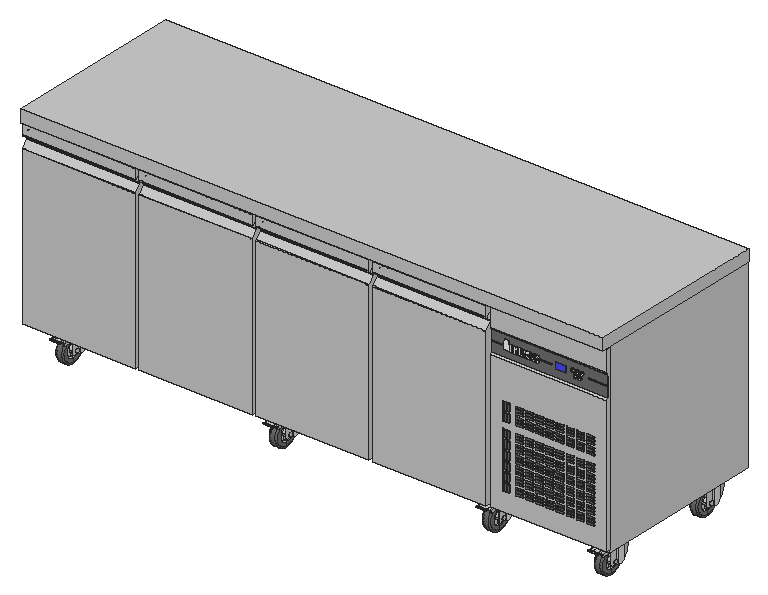
Revit family "QF_INOMAK_PNRP9999_250515103511", category Specialty Equipment, Revit 2021 (continued)
Definition of nested family "QF_INOMAK_REF_COUNTERS_DOORS_DRAWERS_6956"
  Definition of nested family "Hopper"
    Automatic sketch dimensions
      Extrusion 2 sketch curve to plane 5 "Front" = 565 mm
      curve 1 to plane 10 "Left panel" = 0 mm
      curve 2 to plane 11 "Right panel" = 0 mm
      curve 6 to plane 5 "Front" = 0 mm
      curve 5 to plane 5 "Front" = 0 mm
      curve 4 to plane 5 "Front" = 525 mm
      curve 3 to curve 3 = 40 mm
      plane 11 "Right panel" to curve 5 = 30 mm
      curve 6 to plane 10 "Left panel" = 30 mm
Definition of nested family "QF_INOMAK_REF_COUNTERS_DOORS_DRAWERS_16430"
  Parameters (values of type "DR-LX-710")
    Weight [instance] = 0.00 kg
    Warranty Start Date [instance] = ""
    Warranty Duration [instance] = ""
    URL Cutsheet [instance] = ""
    URL = "www.inomak.com"
    Top inset [instance] = 10 mm
    Technical Documentation [instance] = ""
    Tag Number [instance] = ""
    Status [instance] = ""
    Specification by User [instance] = ""
    Specification by Manufacturer [instance] = ""
    Sound Level [instance] = ""
    Solid Fuel Type [instance] = ""
    Show Logo [instance] = yes
    Show Clearances [instance] = yes
    Service Life Duration [instance] = ""
    Serial Number [instance] = ""
    Seismic Rating [instance] = ""
    SMACNA No [instance] = ""
    Right panel thickness [instance] = 0 mm
    Revision Code [instance] = ""
    Revision [instance] = ""
    Rear inset [instance] = 0 mm
    Production Year [instance] = ""
    Point Load [instance] = 0
    Plinth height [instance] = 0 mm
    Other Equipment Approvals [instance] = ""
    NAFEM Spec ID Number [instance] = ""
    Model Warning [instance] = ""
    Model = "DR-LX-710"
    Masterspec [instance] = ""
    Manufacturer = "INOMAK"
    Length Actual [instance] = 435 mm
    Left panel thickness [instance] = 0 mm
    Item Number [instance] = ""
    Installed By [instance] = ""
    Installation Date [instance] = ""
    Identify Quantity as Lot [instance] = yes
    ID [instance] = ""
    Hygiene Approval [instance] = ""
    Height Actual [instance] = 710 mm
    Furnished By [instance] = ""
    Front inset [instance] = 10 mm
    Foodservice Equipment Identifier [instance] = yes
    Finish [instance] = none
    ETL Approved [instance] = yes
    Doors drawers type [instance] = 8
    Description = "LEFT HINGED DOOR"
    Depth Actual [instance] = 700 mm
    Default Elevation = 0 mm
    CSI MasterFormat [instance] = ""
    CE Approved [instance] = yes
    Bottom inset [instance] = 10 mm
    Barcode [instance] = ""
    Author [instance] = ""
    Asset Identifier [instance] = ""
    Assembly Code = "E1090320"
    Accessory [instance] = yes
  Types (9, lengths in mm): name | Model | Height Actual | Doors drawers type | Description
    DW-2-710 | "DW-2-710" | 710 | 4 | "2 X GN 1/2 DRAWERS"
    DR-LX-710 | "DR-LX-710" | 710 | 8 | "LEFT HINGED DOOR"
    DR-RX-710 | "DR-RX-710" | 710 | 9 | "RIGHT HINGED DOOR"
    DW-3-710 | "DW-3-710" | 710 | 6 | "3 X GN 1/3 DRAWERS"
    DW-B-710 | "DW-B-710" | 710 | 5 | "1 X GN 1/3 & 1 X GN 2/3 DRAWERS"
    DW-2-483 | "DW-2-483" | 483 | 4 | "2 X GN 1/3 DRAWERS"
    DR-LX-483 | "DR-LX-483" | 483 | 8 | "LEFT HINGED DOOR"
    DR-RX-483 | "DR-RX-483" | 483 | 9 | "RIGHT HINGED DOOR"
    DW-1-483 | "DW-1-483" | 483 | 10 | "1 X GN 2/3 DRAWER"
  Reference planes
    plane 1 "Front": y = 0
    plane 2: z = 0
    plane 3 "Left": x = 0
    plane 4 "Right": x = 435
    plane 5 "Back": y = 700
    plane 6 "Top": z = 710
    plane 7 "Bottom shelf": z = 0
    plane 8: z = 700
    plane 9: z = 10
    plane 10: x = 0
    plane 11: x = 435
    plane 12 "Center Top Bottom": z = 355
  Lines and regions (mm)
    reference lines
      curve 1: line (0, 0, 355) -> (0, 25, 355)
      curve 2: line (435, 0, 355) -> (435, 25, 355)
      curve 3: line (0, 700, 355) -> (435, 700, 355)
      curve 4: line (0, 0, 355) -> (435, 0, 355)
  Dimensions and locks
    "Length Actual": plane 3 "Left" to plane 4 "Right"
    "Depth Actual": plane 1 "Front" to plane 5 "Back"
    "Height Actual": plane 6 "Top" to plane 7 "Bottom shelf"
    "Plinth height": plane 7 "Bottom shelf" to plane 2
    "Top inset": plane 6 "Top" to plane 8
    "Bottom inset": plane 9 to plane 7 "Bottom shelf"
    "Left panel thickness": plane 3 "Left" to plane 10
    "Right panel thickness": plane 11 to plane 4 "Right"
    equal spacing: plane 6 "Top", plane 12 "Center Top Bottom", plane 7 "Bottom shelf"
    "Length Actual": curve 1 to plane 4 "Right"
    "Length Actual": plane 3 "Left" to curve 2
    "Depth Actual": plane 1 "Front" to curve 3
    "Depth Actual": plane 5 "Back" to curve 4
    aligned and locked: level to plane 2
    aligned and locked: plane 3 "Left" to nested 1
    aligned and locked: plane 3 "Left" to nested 2
    aligned and locked: plane 3 "Left" to nested 3
    aligned and locked: plane 3 "Left" to nested 4
    aligned and locked: plane 3 "Left" to nested 5
    aligned and locked: plane 3 "Left" to nested 6
    aligned and locked: plane 3 "Left" to nested 7
    aligned and locked: plane 3 "Left" to nested 8
    aligned and locked: plane 3 "Left" to nested 9
    aligned and locked: nested 4 to plane 1 "Front"
    aligned and locked: nested 6 to plane 1 "Front"
    aligned and locked: nested 8 to plane 1 "Front"
    aligned and locked: nested 5 to plane 1 "Front"
    aligned and locked: nested 3 to plane 1 "Front"
    aligned and locked: nested 7 to plane 1 "Front"
    aligned and locked: nested 2 to plane 1 "Front"
    aligned and locked: nested 1 to plane 1 "Front"
    aligned and locked: nested 9 to plane 1 "Front"
  Automatic sketch dimensions
    curve 3 to plane 4 "Right" = 0 mm
    curve 3 to plane 3 "Left" = 0 mm
    curve 2 to curve 2 = 25 mm
    curve 1 to curve 1 = 25 mm
  Nested families
    nested 1: "Right_Door" at (0, 700, 0), Depth Actual <- "Depth Actual", Height Actual <- "Height Actual", Length Actual <- "Length Actual", Front inset <- "Front inset", Rear inset <- "Rear inset", Left panel thickness <- "Left panel thickness", Right panel thickness <- "Right panel thickness", Doors drawers type <- "Doors drawers type", Plinth height <- "Plinth height", Top inset <- "Top inset", Bottom inset <- "Bottom inset", type "Right door"
      with Top inset 10 mm, Right panel thickness 0 mm, Right hand hinged door no, Rear inset 0 mm, Plinth height 0 mm, Length Actual 435 mm, Left panel thickness 0 mm, Height Actual 710 mm, Front inset 10 mm, Doors drawers type 8, Depth Actual 700 mm, Bottom inset 10 mm
    nested 2: "Left_Door" at (0, 700, 0), Depth Actual <- "Depth Actual", Height Actual <- "Height Actual", Length Actual <- "Length Actual", Front inset <- "Front inset", Rear inset <- "Rear inset", Left panel thickness <- "Left panel thickness", Right panel thickness <- "Right panel thickness", Doors drawers type <- "Doors drawers type", Plinth height <- "Plinth height", Top inset <- "Top inset", Bottom inset <- "Bottom inset", type "Left door"
      with Top inset 10 mm, Right panel thickness 0 mm, Rear inset 0 mm, Plinth height 0 mm, Length Actual 435 mm, Left panel thickness 0 mm, Left hand hinged door yes, Height Actual 710 mm, Front inset 10 mm, Doors drawers type 8, Depth Actual 700 mm, Bottom inset 10 mm
    nested 3: "3_Drawers_1-3" at (0, 700, 0), Depth Actual <- "Depth Actual", Height Actual <- "Height Actual", Length Actual <- "Length Actual", Front inset <- "Front inset", Rear inset <- "Rear inset", Left panel thickness <- "Left panel thickness", Right panel thickness <- "Right panel thickness", Doors drawers type <- "Doors drawers type", Plinth height <- "Plinth height", Top inset <- "Top inset", Bottom inset <- "Bottom inset", type "3 Drawers 1-3"
      with Top inset 10 mm, Right panel thickness 0 mm, Rear inset 0 mm, Plinth height 0 mm, Length Actual 435 mm, Left panel thickness 0 mm, Height Actual 710 mm, Front inset 10 mm, Doors drawers type 8, Depth Actual 700 mm, Bottom inset 10 mm, 3 Drawers no
    nested 4: "2_Drawers_1-2" at (0, 700, 0), Depth Actual <- "Depth Actual", Height Actual <- "Height Actual", Length Actual <- "Length Actual", Front inset <- "Front inset", Rear inset <- "Rear inset", Left panel thickness <- "Left panel thickness", Right panel thickness <- "Right panel thickness", Doors drawers type <- "Doors drawers type", Plinth height <- "Plinth height", Top inset <- "Top inset", Bottom inset <- "Bottom inset", type "2 Drawers 1-2"
      with Top inset 10 mm, Right panel thickness 0 mm, Rear inset 0 mm, Plinth height 0 mm, Length Actual 435 mm, Left panel thickness 0 mm, Height Actual 710 mm, Front inset 10 mm, Doors drawers type 8, Depth Actual 700 mm, Bottom inset 10 mm, 2 Drawers no
    nested 5: "2_Drawers_1-3_2-3" at (0, 700, 0), Depth Actual <- "Depth Actual", Height Actual <- "Height Actual", Length Actual <- "Length Actual", Front inset <- "Front inset", Rear inset <- "Rear inset", Left panel thickness <- "Left panel thickness", Right panel thickness <- "Right panel thickness", Doors drawers type <- "Doors drawers type", Plinth height <- "Plinth height", Top inset <- "Top inset", Bottom inset <- "Bottom inset", type "2 Drawers 1-3 and 2-3"
      with Top inset 10 mm, Right panel thickness 0 mm, Rear inset 0 mm, Plinth height 0 mm, Length Actual 435 mm, Left panel thickness 0 mm, Height Actual 710 mm, Front inset 10 mm, Doors drawers type 8, Depth Actual 700 mm, Bottom inset 10 mm, 2 Drawers 1-3 and 2-3 no
    nested 6: "Sliding_Doors" at (0, 700, 0), Depth Actual <- "Depth Actual", Height Actual <- "Height Actual", Length Actual <- "Length Actual", Front inset <- "Front inset", Rear inset <- "Rear inset", Left panel thickness <- "Left panel thickness", Right panel thickness <- "Right panel thickness", Doors drawers type <- "Doors drawers type", Plinth height <- "Plinth height", Top inset <- "Top inset", Bottom inset <- "Bottom inset", Finish <- "Finish", type "Sliding doors"
      with Top inset 10 mm, Sliding doors no, Right panel thickness 0 mm, Rear inset 0 mm, Plinth height 0 mm, Length Actual 435 mm, Left panel thickness 0 mm, Height Actual 710 mm, Front inset 10 mm, Finish none, Doors drawers type 8, Depth Actual 700 mm, Bottom inset 10 mm
    nested 7: "4_Drawers_1-4" at (0, 700, 0), Depth Actual <- "Depth Actual", Height Actual <- "Height Actual", Length Actual <- "Length Actual", Front inset <- "Front inset", Rear inset <- "Rear inset", Left panel thickness <- "Left panel thickness", Right panel thickness <- "Right panel thickness", Doors drawers type <- "Doors drawers type", Plinth height <- "Plinth height", Top inset <- "Top inset", Bottom inset <- "Bottom inset", Finish <- "Finish", type "4 Drawers 1-4"
      with Top inset 10 mm, Right panel thickness 0 mm, Rear inset 0 mm, Plinth height 0 mm, Length Actual 435 mm, Left panel thickness 0 mm, Height Actual 710 mm, Front inset 10 mm, Finish none, Doors drawers type 8, Depth Actual 700 mm, Bottom inset 10 mm, 4 Drawers no
    nested 8: "Hinged_Doors" at (0, 700, 0), Length Actual <- "Length Actual", Depth Actual <- "Depth Actual", Height Actual <- "Height Actual", Front inset <- "Front inset", Rear inset <- "Rear inset", Left panel thickness <- "Left panel thickness", Right panel thickness <- "Right panel thickness", Doors drawers type <- "Doors drawers type", Plinth height <- "Plinth height", Top inset <- "Top inset", Bottom inset <- "Bottom inset", Finish <- "Finish", type "Hinged doors"
      with Top inset 10 mm, Right panel thickness 0 mm, Rear inset 0 mm, Plinth height 0 mm, Length Actual 435 mm, Left panel thickness 0 mm, Hinged doors no, Height Actual 710 mm, Front inset 10 mm, Finish none, Doors drawers type 8, Depth Actual 700 mm, Bottom inset 10 mm
    nested 9: "Hopper" at (0, 700, 1.284), Length Actual <- "Length Actual", Depth Actual <- "Depth Actual", Height Actual <- "Height Actual", Front inset <- "Front inset", Rear inset <- "Rear inset", Left panel thickness <- "Left panel thickness", Right panel thickness <- "Right panel thickness", Doors drawers type <- "Doors drawers type", Plinth height <- "Plinth height", Top inset <- "Top inset", Bottom inset <- "Bottom inset", Finish <- "Finish", type "Hopper"
      with Top inset 10 mm, Right panel thickness 0 mm, Rear inset 0 mm, Plinth height 0 mm, Length Actual 435 mm, Left panel thickness 0 mm, Hopper no, Height Actual 710 mm, Front inset 10 mm, Finish none, Doors drawers type 8, Depth Actual 700 mm, Bottom inset 10 mm
  Definition of nested family "Left_Door"
    Parameters (values of type "Left door")
      URL = "www.specifiglobal.com"
      Top inset [instance] = 10 mm
      Right panel thickness [instance] = 0 mm
      Rear inset [instance] = 0 mm
      Plinth height [instance] = 150 mm
      Model = ""
      Manufacturer = "DEMO CONSULTANT"
      Length Actual [instance] = 700 mm
      Left panel thickness [instance] = 0 mm
      Left hand hinged door [instance] = Doors drawers type = 8  # yes
      Height Actual [instance] = 710 mm
      Front inset [instance] = 10 mm
      Finish = none
      Doors drawers type [instance] = 8
      Description = ""
      Depth Actual [instance] = 700 mm
      Default Elevation = 0 mm
      Bottom inset [instance] = 0 mm
      Assembly Code = "E1090320"
    Reference planes
      plane 1 "Back": y = 0
      plane 2: z = 0
      plane 3 "Left": x = 0
      plane 4 "Right": x = 700
      plane 5 "Front": y = -700
      plane 6 "Top": z = 860
      plane 7 "Front legs": y = -690
      plane 8 "Legs top": z = 150
      plane 9 "Backsplash thickness": y = 0
      plane 10 "Left panel": x = 0
      plane 11 "Right panel": x = 700
      plane 12: z = 850
      plane 13: z = 150
    Forms (mm)
      Extrusion 1, solid, material <- "Finish", visible <- "Left hand hinged door"
        sketch origin (0, 0, 0) x (0, -1, 0) y (0, 0, 1)
          loop
            line (690, 150) -> (690, 764.365)
            arc (690, 764.365) -> (689.866, 765.037) -> (689.485, 765.607) r 1.757
            line (689.485, 765.607) -> (666.663, 788.429)
            arc (666.663, 788.429) -> (665.976, 789.458) -> (665.734, 790.672) r 3.172
            line (665.734, 790.672) -> (665.734, 817.576)
            arc (665.734, 817.576) -> (666.433, 819.262) -> (668.119, 819.961) r 2.385
            line (668.119, 819.961) -> (680.029, 819.961) -> (686.544, 810.657)
            arc (686.544, 810.657) -> (688.671, 809.935) -> (690, 811.747) r 1.9
            line (690, 811.747) -> (690, 850) -> (648, 850) -> (648, 150) -> (690, 150)
        from 0 to -700
      Extrusion 2, solid, visible <- "Left hand hinged door", detail levels coarse
        sketch origin (0, -700, 150) x (-1, 0, 0) y (0, 1, 0)
          loop
            arc (-700, 10) -> (-495.871, -481.066) -> (0, -673.23) r 677.11
            line (0, -673.23) -> (0, 10) -> (-700, 10)
        from 0 to -700
    Lines and regions (mm)
      symbolic lines, visible <- "Left hand hinged door"
        curve 1: line (0, -700, 150) -> (0, -1373.247, 150)
        curve 2: arc (0, -1373.247, 150) -> (492.316, -1184.595, 150) -> (700, -700, 150) r 676.963
    Dimensions and locks
      "Length Actual": plane 3 "Left" to plane 4 "Right"
      "Depth Actual": plane 5 "Front" to plane 1 "Back"
      "Height Actual": plane 6 "Top" to plane 8 "Legs top"
      "Front inset": plane 7 "Front legs" to plane 5 "Front"
      "Plinth height": plane 8 "Legs top" to plane 2
      "Rear inset": plane 9 "Backsplash thickness" to plane 1 "Back"
      "Right panel thickness": plane 11 "Right panel" to plane 4 "Right"
      "Left panel thickness": plane 3 "Left" to plane 10 "Left panel"
      "Top inset": plane 6 "Top" to plane 12
      "Bottom inset": plane 13 to plane 8 "Legs top"
      aligned and locked: level to plane 2
      aligned and locked: Extrusion 1 to plane 11 "Right panel"
      aligned and locked: plane 10 "Left panel" to Extrusion 2 sketch curve
      aligned and locked: plane 11 "Right panel" to Extrusion 2 sketch curve
      aligned and locked: Extrusion 2 sketch curve to plane 10 "Left panel"
      aligned and locked: plane 7 "Front legs" to Extrusion 2 sketch curve
      aligned and locked: plane 7 "Front legs" to Extrusion 2
      aligned and locked: plane 10 "Left panel" to Extrusion 2
      aligned and locked: Extrusion 2 to plane 12
      aligned and locked: Extrusion 1 sketch curve to plane 13
      aligned and locked: Extrusion 1 sketch curve to plane 7 "Front legs"
      aligned and locked: Extrusion 1 sketch curve to plane 12
    Automatic sketch dimensions
      Extrusion 1 sketch curve to Extrusion 1 sketch curve = 1.556 mm
      Extrusion 1 sketch curve to Extrusion 1 sketch curve = 11.91 mm
      Extrusion 1 sketch curve to Extrusion 1 sketch curve = 2.243 mm
      Extrusion 1 sketch curve to Extrusion 1 sketch curve = 2.385 mm
      Extrusion 1 sketch curve to Extrusion 1 sketch curve = 20.119 mm
      Extrusion 1 sketch curve to Extrusion 1 sketch curve = 22.822 mm
      Extrusion 1 sketch curve to Extrusion 1 sketch curve = 19.985 mm
      Extrusion 1 sketch curve to Extrusion 1 sketch curve = 6.919 mm
      Extrusion 1 sketch curve to Extrusion 1 sketch curve = 30.039 mm
      plane 7 "Front legs" to Extrusion 1 sketch curve = 42 mm
      Extrusion 1 sketch curve to Extrusion 1 sketch curve = 0.929 mm
      Extrusion 1 sketch curve to Extrusion 1 sketch curve = 6.515 mm
      Extrusion 1 sketch curve to Extrusion 1 sketch curve = 1.242 mm
      Extrusion 1 sketch curve to Extrusion 1 sketch curve = 1.9 mm
      Extrusion 1 sketch curve to Extrusion 1 sketch curve = 0.515 mm
      plane 5 "Front" to Extrusion 2 sketch curve = 3.492 mm
      plane 3 "Left" to Extrusion 2 sketch curve = 22.921 mm
      curve 1 to plane 3 "Left" = 0 mm
      curve 2 to plane 4 "Right" = 0 mm
      curve 2 to plane 5 "Front" = 0 mm
      curve 1 to plane 5 "Front" = 0 mm
      plane 5 "Front" to curve 2 = 3.324 mm
      plane 3 "Left" to curve 2 = 23.045 mm
  Definition of nested family "Right_Door"
    Parameters (values of type "Right door")
      URL = "www.specifiglobal.com"
      Top inset [instance] = 4 mm
      Right panel thickness [instance] = 35 mm
      Right hand hinged door [instance] = Doors drawers type = 9  # yes
      Rear inset [instance] = 10 mm
      Plinth height [instance] = 150 mm
      Model = ""
      Manufacturer = "DEMO CONSULTANT"
      Length Actual [instance] = 1700 mm
      Left panel thickness [instance] = 35 mm
      Height Actual [instance] = 900 mm
      Front inset [instance] = 10 mm
      Finish = none
      Doors drawers type [instance] = 9
      Description = ""
      Depth Actual [instance] = 700 mm
      Default Elevation = 0 mm
      Bottom inset [instance] = 4 mm
      Assembly Code = "E1090320"
    Reference planes
      plane 1 "Back": y = 0
      plane 2: z = 0
      plane 3 "Left": x = 0
      plane 4 "Right": x = 1700
      plane 5 "Front": y = -700
      plane 6 "Top": z = 1050
      plane 7 "Front legs": y = -690
      plane 8 "Legs top": z = 150
      plane 9 "Backsplash thickness": y = -10
      plane 10 "Left panel": x = 35
      plane 11 "Right panel": x = 1665
      plane 12: z = 1046
      plane 13: z = 154
    Forms (mm)
      Extrusion 1, solid, material <- "Finish", visible <- "Right hand hinged door"
        sketch origin (35, 0, 0) x (0, -1, 0) y (0, 0, 1)
          loop
            line (690, 154) -> (690, 960.365)
            arc (690, 960.365) -> (689.866, 961.037) -> (689.485, 961.607) r 1.757
            line (689.485, 961.607) -> (666.663, 984.429)
            arc (666.663, 984.429) -> (665.976, 985.458) -> (665.734, 986.672) r 3.172
            line (665.734, 986.672) -> (665.734, 1013.576)
            arc (665.734, 1013.576) -> (666.433, 1015.262) -> (668.119, 1015.961) r 2.385
            line (668.119, 1015.961) -> (680.029, 1015.961) -> (686.544, 1006.657)
            arc (686.544, 1006.657) -> (688.671, 1005.935) -> (690, 1007.747) r 1.9
            line (690, 1007.747) -> (690, 1046) -> (648, 1046) -> (648, 154) -> (690, 154)
        from 0 to -1630
      Extrusion 2, solid, visible <- "Right hand hinged door", detail levels coarse
        sketch origin (0, -700, 154) x (-1, 0, 0) y (0, 1, 0)
          loop
            line (-1665, 10) -> (-1665, -1637.12)
            arc (-1665, -1637.12) -> (-517.894, -1142.214) -> (-35, 10) r 1670.236
            line (-35, 10) -> (-1665, 10)
        from 0 to -892
    Lines and regions (mm)
      symbolic lines, visible <- "Right hand hinged door"
        curve 1: line (1665, -2337.12, 150) -> (1665, -700, 150)
        curve 2: arc (1665, -2337.12, 150) -> (521.415, -1845.762, 150) -> (35.165, -699.995, 150) r 1670.236
    Dimensions and locks
      "Length Actual": plane 3 "Left" to plane 4 "Right"
      "Depth Actual": plane 5 "Front" to plane 1 "Back"
      "Height Actual": plane 6 "Top" to plane 8 "Legs top"
      "Front inset": plane 7 "Front legs" to plane 5 "Front"
      "Plinth height": plane 8 "Legs top" to plane 2
      "Rear inset": plane 9 "Backsplash thickness" to plane 1 "Back"
      "Right panel thickness": plane 11 "Right panel" to plane 4 "Right"
      "Left panel thickness": plane 3 "Left" to plane 10 "Left panel"
      "Top inset": plane 6 "Top" to plane 12
      "Bottom inset": plane 13 to plane 8 "Legs top"
      aligned and locked: level to plane 2
      aligned and locked: Extrusion 1 to plane 11 "Right panel"
      aligned and locked: plane 10 "Left panel" to Extrusion 2 sketch curve
      aligned and locked: plane 11 "Right panel" to Extrusion 2 sketch curve
      aligned and locked: plane 7 "Front legs" to Extrusion 2
      aligned and locked: plane 7 "Front legs" to Extrusion 2 sketch curve
      aligned and locked: Extrusion 2 sketch curve to plane 11 "Right panel"
      aligned and locked: curve 1 to Extrusion 2
      aligned and locked: plane 5 "Front" to curve 1
      aligned and locked: Extrusion 2 to plane 12
      aligned and locked: Extrusion 1 sketch curve to plane 12
      aligned and locked: Extrusion 1 sketch curve to plane 7 "Front legs"
      aligned and locked: Extrusion 1 sketch curve to plane 13
      aligned and locked: curve 2 to Extrusion 2
    Automatic sketch dimensions
      Extrusion 1 sketch curve to Extrusion 1 sketch curve = 1.556 mm
      Extrusion 1 sketch curve to Extrusion 1 sketch curve = 11.91 mm
      Extrusion 1 sketch curve to Extrusion 1 sketch curve = 2.243 mm
      Extrusion 1 sketch curve to Extrusion 1 sketch curve = 2.385 mm
      Extrusion 1 sketch curve to Extrusion 1 sketch curve = 20.119 mm
      Extrusion 1 sketch curve to Extrusion 1 sketch curve = 22.822 mm
      Extrusion 1 sketch curve to Extrusion 1 sketch curve = 19.985 mm
      Extrusion 1 sketch curve to Extrusion 1 sketch curve = 6.919 mm
      Extrusion 1 sketch curve to Extrusion 1 sketch curve = 30.039 mm
      plane 7 "Front legs" to Extrusion 1 sketch curve = 42 mm
      Extrusion 1 sketch curve to Extrusion 1 sketch curve = 0.929 mm
      Extrusion 1 sketch curve to Extrusion 1 sketch curve = 6.515 mm
      Extrusion 1 sketch curve to Extrusion 1 sketch curve = 1.242 mm
      Extrusion 1 sketch curve to Extrusion 1 sketch curve = 1.9 mm
      Extrusion 1 sketch curve to Extrusion 1 sketch curve = 0.515 mm
      Extrusion 2 sketch curve to plane 4 "Right" = 5.083 mm
      plane 7 "Front legs" to Extrusion 2 sketch curve = 22.635 mm
      plane 5 "Front" to curve 2 = 0.005 mm
  Definition of nested family "3_Drawers_1-3"
    Parameters (values of type "3 Drawers 1-3")
      URL = "www.specifiglobal.com"
      Top inset [instance] = 4 mm
      Right panel thickness [instance] = 35 mm
      Rear inset [instance] = 10 mm
      Plinth height [instance] = 150 mm
      Model = ""
      Manufacturer = "DEMO CONSULTANT"
      Length Actual [instance] = 1200 mm
      Left panel thickness [instance] = 35 mm
      Height Actual [instance] = 900 mm
      Front inset [instance] = 10 mm
      Finish = none
      Doors drawers type [instance] = 6
      Description = ""
      Depth Actual [instance] = 700 mm
      Default Elevation = 0 mm
      Bottom inset [instance] = 4 mm
      Assembly Code = "E1090320"
      3 Drawers [instance] = Doors drawers type = 6  # yes
    Reference planes
      plane 1 "Back": y = 0
      plane 2: z = 0
      plane 3 "Left": x = 0
      plane 4 "Right": x = 1200
      plane 5 "Front": y = -700
      plane 6 "Top": z = 1050
      plane 7 "Front legs": y = -690
      plane 8 "Legs top": z = 150
      plane 9 "Backsplash thickness": y = -10
      plane 10 "Left panel": x = 35
      plane 11 "Right panel": x = 1165
      plane 12: z = 749.333
      plane 13: z = 1046
      plane 14: z = 751.667
      plane 15: z = 747
      plane 16: z = 1048
      plane 17: z = 450.667
      plane 18: z = 453.333
      plane 19: z = 448
      plane 20: z = 154
      plane 21: z = 152
    Forms (mm)
      Extrusion 1, solid, material <- "Finish", visible <- "3 Drawers"
        sketch origin (35, 0, 0) x (0, -1, 0) y (0, 0, 1)
          loop
            line (690, 751.667) -> (690, 960.365)
            arc (690, 960.365) -> (689.866, 961.037) -> (689.485, 961.607) r 1.757
            line (689.485, 961.607) -> (666.663, 984.429)
            arc (666.663, 984.429) -> (665.976, 985.458) -> (665.734, 986.672) r 3.172
            line (665.734, 986.672) -> (665.734, 1013.576)
            arc (665.734, 1013.576) -> (666.433, 1015.262) -> (668.119, 1015.961) r 2.385
            line (668.119, 1015.961) -> (680.029, 1015.961) -> (686.544, 1006.657)
            arc (686.544, 1006.657) -> (688.671, 1005.935) -> (690, 1007.747) r 1.9
            line (690, 1007.747) -> (690, 1046) -> (648, 1046) -> (648, 751.667) -> (690, 751.667)
        from 0 to -1130
      Extrusion 2, solid, visible <- "3 Drawers", detail levels coarse
        sketch origin (0, -640.463, 751.667) x (0, 1, 0) y (-1, 0, 0)
          loop
            line (-49.537, -35) -> (-624.582, -35) -> (-624.582, -1165) -> (-49.537, -1165) -> (-49.537, -35)
        from 0 to 294.333
      Extrusion 3, solid, visible <- "3 Drawers", detail levels coarse
        sketch origin (0, -640.463, 453.333) x (0, 1, 0) y (-1, 0, 0)
          loop
            line (-49.537, -35) -> (-624.582, -35) -> (-624.582, -1165) -> (-49.537, -1165) -> (-49.537, -35)
        from 0 to 293.667
      Extrusion 4, solid, visible <- "3 Drawers", detail levels coarse
        sketch origin (0, -700, 154) x (-1, 0, 0) y (0, 1, 0)
          loop
            line (-35, 10) -> (-1165, 10) -> (-1165, -565.045) -> (-35, -565.045) -> (-35, 10)
        from 0 to -294
      Extrusion 5, solid, material <- "Finish", visible <- "3 Drawers"
        sketch origin (35, 0, -220.667) x (0, -1, 0) y (0, 0, 1)
          loop
            line (690, 674) -> (690, 882.031)
            arc (690, 882.031) -> (689.866, 882.704) -> (689.485, 883.274) r 1.757
            line (689.485, 883.274) -> (666.663, 906.096)
            arc (666.663, 906.096) -> (665.976, 907.125) -> (665.734, 908.339) r 3.172
            line (665.734, 908.339) -> (665.734, 935.243)
            arc (665.734, 935.243) -> (666.433, 936.929) -> (668.119, 937.628) r 2.385
            line (668.119, 937.628) -> (680.029, 937.628) -> (686.544, 928.324)
            arc (686.544, 928.324) -> (688.671, 927.602) -> (690, 929.414) r 1.9
            line (690, 929.414) -> (690, 967.667) -> (648, 967.667) -> (648, 674) -> (690, 674)
        from 0 to -1130
      Extrusion 6, solid, material <- "Finish", visible <- "3 Drawers"
        sketch origin (35, 0, -441.333) x (0, -1, 0) y (0, 0, 1)
          loop
            line (690, 595.333) -> (690, 800.031)
            arc (690, 800.031) -> (689.866, 800.704) -> (689.485, 801.274) r 1.757
            line (689.485, 801.274) -> (666.663, 824.096)
            arc (666.663, 824.096) -> (665.976, 825.125) -> (665.734, 826.339) r 3.172
            line (665.734, 826.339) -> (665.734, 857.243)
            arc (665.734, 857.243) -> (666.433, 858.929) -> (668.119, 859.628) r 2.385
            line (668.119, 859.628) -> (680.029, 859.628) -> (686.544, 850.324)
            arc (686.544, 850.324) -> (688.671, 849.602) -> (690, 851.414) r 1.9
            line (690, 851.414) -> (690, 889.333) -> (648, 889.333) -> (648, 595.333) -> (690, 595.333)
        from 0 to -1130
    Lines and regions (mm)
      symbolic lines, visible <- "3 Drawers"
        curve 1: line (35, -850, 900) -> (35, -890, 900)
        curve 2: line (35, -890, 900) -> (1165, -890, 900)
        curve 3: line (1165, -890, 900) -> (1165, -850, 900)
        curve 4: line (1165, -850, 900) -> (35, -850, 900)
        curve 5: line (1135, -850, 900) -> (1135, -700, 900)
        curve 6: line (65, -850, 900) -> (65, -700, 900)
        curve 7: line (35, -1040, 900) -> (35, -1080, 900)
        curve 8: line (35, -1080, 900) -> (1165, -1080, 900)
        curve 9: line (1165, -1080, 900) -> (1165, -1040, 900)
        curve 10: line (1165, -1040, 900) -> (35, -1040, 900)
        curve 11: line (1135, -1040, 900) -> (1135, -890, 900)
        curve 12: line (65, -1040, 900) -> (65, -890, 900)
        curve 13: line (35, -1225, 900) -> (35, -1265, 900)
        curve 14: line (35, -1265, 900) -> (1165, -1265, 900)
        curve 15: line (1165, -1265, 900) -> (1165, -1225, 900)
        curve 16: line (1165, -1225, 900) -> (35, -1225, 900)
        curve 17: line (1135, -1225, 900) -> (1135, -1080, 900)
        curve 18: line (65, -1225, 900) -> (65, -1080, 900)
    Dimensions and locks
      "Length Actual": plane 3 "Left" to plane 4 "Right"
      "Depth Actual": plane 5 "Front" to plane 1 "Back"
      "Height Actual": plane 6 "Top" to plane 8 "Legs top"
      "Front inset": plane 7 "Front legs" to plane 5 "Front"
      "Plinth height": plane 8 "Legs top" to plane 2
      "Rear inset": plane 9 "Backsplash thickness" to plane 1 "Back"
      "Right panel thickness": plane 11 "Right panel" to plane 4 "Right"
      "Left panel thickness": plane 3 "Left" to plane 10 "Left panel"
      plane 14 to plane 15 = 4.667 mm
      equal spacing: plane 14, plane 12, plane 15
      locked: plane 16 to plane 13 at 2
      equal spacing: plane 18, plane 17, plane 19
      plane 18 to plane 19 = 5.333 mm
      "Bottom inset": plane 20 to plane 8 "Legs top"
      equal spacing: plane 21, plane 17, plane 12, plane 16
      "Top inset": plane 13 to plane 6 "Top"
      locked: plane 21 to plane 20 at 2
      aligned and locked: level to plane 2
      aligned and locked: Extrusion 1 to plane 11 "Right panel"
      aligned and locked: plane 10 "Left panel" to curve 1
      aligned and locked: plane 10 "Left panel" to curve 7
      aligned and locked: plane 10 "Left panel" to curve 13
      aligned and locked: Extrusion 2 sketch curve to plane 10 "Left panel"
      aligned and locked: plane 11 "Right panel" to Extrusion 2 sketch curve
      aligned and locked: Extrusion 3 sketch curve to plane 10 "Left panel"
      aligned and locked: plane 11 "Right panel" to Extrusion 3 sketch curve
      aligned and locked: Extrusion 4 sketch curve to plane 10 "Left panel"
      aligned and locked: plane 11 "Right panel" to Extrusion 4 sketch curve
      aligned and locked: Extrusion 2 to plane 13
      aligned and locked: Extrusion 3 to plane 15
      aligned and locked: Extrusion 4 to plane 19
      aligned and locked: Extrusion 5 to plane 11 "Right panel"
      aligned and locked: Extrusion 6 to plane 11 "Right panel"
      aligned and locked: Extrusion 1 sketch curve to plane 13
      aligned and locked: Extrusion 1 sketch curve to plane 7 "Front legs"
      aligned and locked: plane 18 to Extrusion 5 sketch curve
      aligned and locked: Extrusion 6 sketch curve to Extrusion 4  (x2)
      aligned and locked: Extrusion 5 sketch curve to plane 15
      aligned and locked: Extrusion 4 to Extrusion 5 sketch curve
      aligned and locked: Extrusion 6 sketch curve to plane 19
      aligned and locked: Extrusion 6 sketch curve to plane 20
    Automatic sketch dimensions
      Extrusion 2 sketch curve to plane 7 "Front legs" = 0 mm
      Extrusion 2 sketch curve to plane 5 "Front" = 565.045 mm
      Extrusion 3 sketch curve to plane 7 "Front legs" = 0 mm
      Extrusion 3 sketch curve to plane 5 "Front" = 565.045 mm
      Extrusion 4 sketch curve to plane 7 "Front legs" = 0 mm
      Extrusion 4 sketch curve to plane 5 "Front" = 565.045 mm
      curve 14 to plane 11 "Right panel" = 0 mm
      curve 8 to plane 11 "Right panel" = 0 mm
      curve 3 to plane 11 "Right panel" = 0 mm
      curve 6 to plane 5 "Front" = 0 mm
      curve 5 to plane 5 "Front" = 0 mm
      curve 1 to plane 5 "Front" = 150 mm
      curve 2 to curve 3 = 40 mm
      curve 10 to curve 1 = 150 mm
      curve 9 to curve 9 = 40 mm
      curve 13 to curve 7 = 145 mm
      curve 14 to curve 13 = 40 mm
      curve 3 to curve 5 = 30 mm
      curve 15 to curve 17 = 30 mm
      curve 11 to curve 17 = 0 mm
      curve 6 to plane 10 "Left panel" = 30 mm
      curve 18 to plane 10 "Left panel" = 30 mm
      curve 12 to curve 18 = 0 mm
      Extrusion 1 sketch curve to plane 14 = 0 mm
      Extrusion 1 sketch curve to plane 7 "Front legs" = 0 mm
      plane 7 "Front legs" to Extrusion 1 sketch curve = 0.515 mm
      plane 7 "Front legs" to Extrusion 1 sketch curve = 1.757 mm
      plane 7 "Front legs" to Extrusion 1 sketch curve = 1.9 mm
      Extrusion 1 sketch curve to Extrusion 1 sketch curve = 1.556 mm
      plane 7 "Front legs" to Extrusion 1 sketch curve = 9.971 mm
      plane 7 "Front legs" to Extrusion 1 sketch curve = 21.094 mm
      Extrusion 1 sketch curve to Extrusion 1 sketch curve = 11.91 mm
      Extrusion 1 sketch curve to Extrusion 1 sketch curve = 2.243 mm
      Extrusion 1 sketch curve to Extrusion 1 sketch curve = 2.385 mm
      Extrusion 1 sketch curve to Extrusion 1 sketch curve = 20.119 mm
      plane 13 to Extrusion 1 sketch curve = 85.635 mm
      Extrusion 1 sketch curve to Extrusion 1 sketch curve = 22.822 mm
      Extrusion 1 sketch curve to Extrusion 1 sketch curve = 19.985 mm
      Extrusion 1 sketch curve to Extrusion 1 sketch curve = 6.919 mm
      plane 15 to Extrusion 5 sketch curve = 59.328 mm
      Extrusion 5 sketch curve to Extrusion 5 sketch curve = 17.734 mm
      plane 15 to Extrusion 5 sketch curve = 61.571 mm
      Extrusion 5 sketch curve to Extrusion 5 sketch curve = 0.929 mm
      Extrusion 5 sketch curve to Extrusion 5 sketch curve = 2.385 mm
      Extrusion 5 sketch curve to Extrusion 5 sketch curve = 11.91 mm
      Extrusion 5 sketch curve to Extrusion 5 sketch curve = 6.515 mm
      Extrusion 5 sketch curve to Extrusion 5 sketch curve = 1.556 mm
      Extrusion 5 sketch curve to Extrusion 5 sketch curve = 21.58 mm
      plane 15 to Extrusion 5 sketch curve = 84.393 mm
      Extrusion 5 sketch curve to Extrusion 5 sketch curve = 1.242 mm
      Extrusion 5 sketch curve to Extrusion 5 sketch curve = 1.9 mm
      Extrusion 5 sketch curve to Extrusion 5 sketch curve = 0.515 mm
      Extrusion 5 sketch curve to Extrusion 5 sketch curve = 6.919 mm
      Extrusion 5 sketch curve to Extrusion 5 sketch curve = 30.039 mm
      plane 7 "Front legs" to Extrusion 6 sketch curve = 0.515 mm
      plane 7 "Front legs" to Extrusion 6 sketch curve = 1.757 mm
      plane 7 "Front legs" to Extrusion 6 sketch curve = 1.9 mm
      Extrusion 6 sketch curve to Extrusion 6 sketch curve = 1.556 mm
      plane 7 "Front legs" to Extrusion 6 sketch curve = 9.971 mm
      plane 7 "Front legs" to Extrusion 6 sketch curve = 21.094 mm
      Extrusion 6 sketch curve to Extrusion 6 sketch curve = 11.91 mm
      Extrusion 6 sketch curve to Extrusion 6 sketch curve = 2.243 mm
      Extrusion 6 sketch curve to Extrusion 6 sketch curve = 2.385 mm
      Extrusion 6 sketch curve to Extrusion 6 sketch curve = 20.119 mm
      plane 19 to Extrusion 6 sketch curve = 89.302 mm
      Extrusion 6 sketch curve to Extrusion 6 sketch curve = 22.822 mm
      Extrusion 6 sketch curve to Extrusion 6 sketch curve = 23.985 mm
      Extrusion 6 sketch curve to Extrusion 6 sketch curve = 6.919 mm
  Definition of nested family "2_Drawers_1-2"
    Parameters (values of type "2 Drawers 1-2")
      URL = "www.specifiglobal.com"
      Top inset [instance] = 4 mm
      Right panel thickness [instance] = 35 mm
      Rear inset [instance] = 10 mm
      Plinth height [instance] = 150 mm
      Model = ""
      Manufacturer = "DEMO CONSULTANT"
      Length Actual [instance] = 1200 mm
      Left panel thickness [instance] = 35 mm
      Height Actual [instance] = 900 mm
      Front inset [instance] = 10 mm
      Finish = none
      Doors drawers type [instance] = 4
      Description = ""
      Depth Actual [instance] = 700 mm
      Default Elevation = 0 mm
      Bottom inset [instance] = 4 mm
      Assembly Code = "E1090320"
      2 Drawers [instance] = Doors drawers type = 4  # yes
    Reference planes
      plane 1 "Back": y = 0
      plane 2: z = 0
      plane 3 "Left": x = 0
      plane 4 "Right": x = 1200
      plane 5 "Front": y = -700
      plane 6 "Top": z = 1050
      plane 7 "Front legs": y = -690
      plane 8 "Legs top": z = 150
      plane 9 "Backsplash thickness": y = -10
      plane 10 "Left panel": x = 35
      plane 11 "Right panel": x = 1165
      plane 12: z = 600
      plane 13: z = 1046
      plane 14: z = 602
      plane 15: z = 598
      plane 16: z = 154
    Forms (mm)
      Extrusion 1, solid, material <- "Finish", visible <- "2 Drawers"
        sketch origin (35, 0, 0) x (0, -1, 0) y (0, 0, 1)
          loop
            line (690, 602) -> (690, 960.365)
            arc (690, 960.365) -> (689.866, 961.037) -> (689.485, 961.607) r 1.757
            line (689.485, 961.607) -> (666.663, 984.429)
            arc (666.663, 984.429) -> (665.976, 985.458) -> (665.734, 986.672) r 3.172
            line (665.734, 986.672) -> (665.734, 1013.576)
            arc (665.734, 1013.576) -> (666.433, 1015.262) -> (668.119, 1015.961) r 2.385
            line (668.119, 1015.961) -> (680.029, 1015.961) -> (686.544, 1006.657)
            arc (686.544, 1006.657) -> (688.671, 1005.935) -> (690, 1007.747) r 1.9
            line (690, 1007.747) -> (690, 1046) -> (648, 1046) -> (648, 602) -> (690, 602)
        from 0 to -1130
      Extrusion 2, solid, visible <- "2 Drawers", detail levels coarse
        sketch origin (0, -640.463, 602) x (0, 1, 0) y (-1, 0, 0)
          loop
            line (-49.537, -35) -> (-624.537, -35) -> (-624.537, -1165) -> (-49.537, -1165) -> (-49.537, -35)
        from 0 to 444
      Extrusion 3, solid, visible <- "2 Drawers", detail levels coarse
        sketch origin (0, -700, 154) x (-1, 0, 0) y (0, 1, 0)
          loop
            line (-35, 10) -> (-1165, 10) -> (-1165, -565) -> (-35, -565) -> (-35, 10)
        from 0 to -444
      Extrusion 4, solid, material <- "Finish", visible <- "2 Drawers"
        sketch origin (35, 0, -441.333) x (0, -1, 0) y (0, 0, 1)
          loop
            line (690, 595.333) -> (690, 953.698)
            arc (690, 953.698) -> (689.866, 954.37) -> (689.485, 954.94) r 1.757
            line (689.485, 954.94) -> (666.663, 977.763)
            arc (666.663, 977.763) -> (665.976, 978.792) -> (665.734, 980.006) r 3.172
            line (665.734, 980.006) -> (665.734, 1006.909)
            arc (665.734, 1006.909) -> (666.433, 1008.596) -> (668.119, 1009.294) r 2.385
            line (668.119, 1009.294) -> (680.029, 1009.294) -> (686.544, 999.991)
            arc (686.544, 999.991) -> (688.671, 999.268) -> (690, 1001.08) r 1.9
            line (690, 1001.08) -> (690, 1039.333) -> (648, 1039.333) -> (648, 595.333) -> (690, 595.333)
        from 0 to -1130
    Lines and regions (mm)
      symbolic lines, visible <- "2 Drawers"
        curve 1: line (35, -940, 900) -> (35, -980, 900)
        curve 2: line (35, -980, 900) -> (1165, -980, 900)
        curve 3: line (1165, -980, 900) -> (1165, -940, 900)
        curve 4: line (1165, -940, 900) -> (35, -940, 900)
        curve 5: line (1135, -940, 900) -> (1135, -700, 900)
        curve 6: line (65, -940, 900) -> (65, -700, 900)
        curve 7: line (35, -1225, 900) -> (35, -1265, 900)
        curve 8: line (35, -1265, 900) -> (1165, -1265, 900)
        curve 9: line (1165, -1265, 900) -> (1165, -1225, 900)
        curve 10: line (1165, -1225, 900) -> (35, -1225, 900)
        curve 11: line (1135, -1225, 900) -> (1135, -980, 900)
        curve 12: line (65, -1225, 900) -> (65, -980, 900)
    Dimensions and locks
      "Length Actual": plane 3 "Left" to plane 4 "Right"
      "Depth Actual": plane 5 "Front" to plane 1 "Back"
      "Height Actual": plane 6 "Top" to plane 8 "Legs top"
      "Front inset": plane 7 "Front legs" to plane 5 "Front"
      "Plinth height": plane 8 "Legs top" to plane 2
      "Rear inset": plane 9 "Backsplash thickness" to plane 1 "Back"
      "Right panel thickness": plane 11 "Right panel" to plane 4 "Right"
      "Left panel thickness": plane 3 "Left" to plane 10 "Left panel"
      "Top inset": plane 6 "Top" to plane 13
      "Bottom inset": plane 16 to plane 8 "Legs top"
      equal spacing: plane 16, plane 12, plane 13
      locked: plane 14 to plane 12 at 2
      locked: plane 15 to plane 12 at 2
      aligned and locked: level to plane 2
      aligned and locked: Extrusion 1 to plane 11 "Right panel"
      aligned and locked: plane 10 "Left panel" to curve 1
      aligned and locked: plane 10 "Left panel" to curve 7
      aligned and locked: Extrusion 2 sketch curve to plane 10 "Left panel"
      aligned and locked: plane 11 "Right panel" to Extrusion 2 sketch curve
      aligned and locked: Extrusion 3 sketch curve to plane 10 "Left panel"
      aligned and locked: plane 11 "Right panel" to Extrusion 3 sketch curve
      aligned and locked: Extrusion 2 to plane 13
      aligned and locked: Extrusion 4 to plane 11 "Right panel"
      aligned and locked: Extrusion 3 to plane 15
      aligned and locked: Extrusion 1 sketch curve to plane 13
      aligned and locked: Extrusion 1 sketch curve to plane 7 "Front legs"
      aligned and locked: plane 14 to Extrusion 1 sketch curve
      aligned and locked: Extrusion 4 sketch curve to plane 15
      aligned and locked: Extrusion 4 sketch curve to plane 7 "Front legs"
      aligned and locked: Extrusion 4 sketch curve to plane 16
    Automatic sketch dimensions
      Extrusion 2 sketch curve to plane 7 "Front legs" = 0 mm
      Extrusion 2 sketch curve to plane 5 "Front" = 565 mm
      Extrusion 3 sketch curve to plane 7 "Front legs" = 0 mm
      Extrusion 3 sketch curve to plane 5 "Front" = 565 mm
      curve 9 to plane 11 "Right panel" = 0 mm
      curve 2 to plane 11 "Right panel" = 0 mm
      curve 5 to plane 5 "Front" = 0 mm
      curve 6 to plane 5 "Front" = 0 mm
      curve 1 to plane 5 "Front" = 240 mm
      curve 3 to curve 3 = 40 mm
      curve 7 to curve 1 = 245 mm
      curve 8 to curve 9 = 40 mm
      plane 11 "Right panel" to curve 5 = 30 mm
      curve 2 to curve 11 = 30 mm
      curve 6 to plane 10 "Left panel" = 30 mm
      curve 12 to plane 10 "Left panel" = 30 mm
      Extrusion 1 sketch curve to Extrusion 1 sketch curve = 17.734 mm
      Extrusion 1 sketch curve to Extrusion 1 sketch curve = 0.929 mm
      Extrusion 1 sketch curve to Extrusion 1 sketch curve = 2.385 mm
      Extrusion 1 sketch curve to Extrusion 1 sketch curve = 3.172 mm
      Extrusion 1 sketch curve to Extrusion 1 sketch curve = 11.91 mm
      Extrusion 1 sketch curve to Extrusion 1 sketch curve = 6.515 mm
      Extrusion 1 sketch curve to Extrusion 1 sketch curve = 1.556 mm
      Extrusion 1 sketch curve to Extrusion 1 sketch curve = 21.58 mm
      Extrusion 1 sketch curve to Extrusion 1 sketch curve = 1.242 mm
      Extrusion 1 sketch curve to Extrusion 1 sketch curve = 1.9 mm
      Extrusion 1 sketch curve to Extrusion 1 sketch curve = 0.515 mm
      Extrusion 1 sketch curve to Extrusion 1 sketch curve = 22.822 mm
      Extrusion 1 sketch curve to Extrusion 1 sketch curve = 19.985 mm
      Extrusion 1 sketch curve to Extrusion 1 sketch curve = 6.919 mm
      Extrusion 1 sketch curve to Extrusion 1 sketch curve = 30.039 mm
      Extrusion 4 sketch curve to plane 7 "Front legs" = 0 mm
      plane 7 "Front legs" to Extrusion 4 sketch curve = 0.515 mm
      plane 7 "Front legs" to Extrusion 4 sketch curve = 1.757 mm
      plane 7 "Front legs" to Extrusion 4 sketch curve = 1.9 mm
      Extrusion 4 sketch curve to Extrusion 4 sketch curve = 1.556 mm
      plane 7 "Front legs" to Extrusion 4 sketch curve = 9.971 mm
      plane 7 "Front legs" to Extrusion 4 sketch curve = 21.094 mm
      Extrusion 4 sketch curve to Extrusion 4 sketch curve = 11.91 mm
      Extrusion 4 sketch curve to Extrusion 4 sketch curve = 2.243 mm
      Extrusion 4 sketch curve to Extrusion 4 sketch curve = 2.385 mm
      Extrusion 4 sketch curve to Extrusion 4 sketch curve = 20.119 mm
      Extrusion 4 sketch curve to Extrusion 4 sketch curve = 22.822 mm
      Extrusion 4 sketch curve to Extrusion 4 sketch curve = 19.985 mm
      Extrusion 4 sketch curve to Extrusion 4 sketch curve = 6.919 mm
      Extrusion 4 sketch curve to Extrusion 4 sketch curve = 30.039 mm
  Definition of nested family "2_Drawers_1-3_2-3"
    Parameters (values of type "2 Drawers 1-3 and 2-3")
      URL = "www.specifiglobal.com"
      Top inset [instance] = 4 mm
      Right panel thickness [instance] = 35 mm
      Rear inset [instance] = 10 mm
      Plinth height [instance] = 150 mm
      Model = ""
      Manufacturer = "DEMO CONSULTANT"
      Length Actual [instance] = 1200 mm
      Left panel thickness [instance] = 35 mm
      Height Actual [instance] = 900 mm
      Front inset [instance] = 10 mm
      Finish = none
      Doors drawers type [instance] = 5
      Description = ""
      Depth Actual [instance] = 700 mm
      Default Elevation = 0 mm
      Bottom inset [instance] = 4 mm
      Assembly Code = "E1090320"
      2 Drawers 1-3 and 2-3 [instance] = Doors drawers type = 5  # yes
    Reference planes
      plane 1 "Back": y = 0
      plane 2: z = 0
      plane 3 "Left": x = 0
      plane 4 "Right": x = 1200
      plane 5 "Front": y = -700
      plane 6 "Top": z = 1050
      plane 7 "Front legs": y = -690
      plane 8 "Legs top": z = 150
      plane 9 "Backsplash thickness": y = -10
      plane 10 "Left panel": x = 35
      plane 11 "Right panel": x = 1165
      plane 12: z = 1046
      plane 13: z = 751.833
      plane 14: z = 746.833
      plane 15: z = 154
      plane 16: z = 450.667
      plane 17: z = 152
      plane 18: z = 1048
      plane 19: z = 749.333
    Forms (mm)
      Extrusion 1, solid, material <- "Finish", visible <- "2 Drawers 1-3 and 2-3"
        sketch origin (35, 0, 0) x (0, -1, 0) y (0, 0, 1)
          loop
            line (690, 751.833) -> (690, 960.365)
            arc (690, 960.365) -> (689.866, 961.037) -> (689.485, 961.607) r 1.757
            line (689.485, 961.607) -> (666.663, 984.429)
            arc (666.663, 984.429) -> (665.976, 985.458) -> (665.734, 986.672) r 3.172
            line (665.734, 986.672) -> (665.734, 1013.576)
            arc (665.734, 1013.576) -> (666.433, 1015.262) -> (668.119, 1015.961) r 2.385
            line (668.119, 1015.961) -> (680.029, 1015.961) -> (686.544, 1006.657)
            arc (686.544, 1006.657) -> (688.671, 1005.935) -> (690, 1007.747) r 1.9
            line (690, 1007.747) -> (690, 1046) -> (648, 1046) -> (648, 751.833) -> (690, 751.833)
        from 0 to -1130
      Extrusion 2, solid, visible <- "2 Drawers 1-3 and 2-3", detail levels coarse
        sketch origin (0, -640.463, 751.833) x (0, 1, 0) y (-1, 0, 0)
          loop
            line (-49.537, -35) -> (-624.537, -35) -> (-624.537, -1165) -> (-49.537, -1165) -> (-49.537, -35)
        from 0 to 294.167
      Extrusion 3, solid, visible <- "2 Drawers 1-3 and 2-3", detail levels coarse
        sketch origin (0, -700, 154) x (-1, 0, 0) y (0, 1, 0)
          loop
            line (-35, 10) -> (-1165, 10) -> (-1165, -565) -> (-35, -565) -> (-35, 10)
        from 0 to -592.833
      Extrusion 4, solid, material <- "Finish", visible <- "2 Drawers 1-3 and 2-3"
        sketch origin (35, 0, -441.333) x (0, -1, 0) y (0, 0, 1)
          loop
            line (690, 595.333) -> (690, 1101.698)
            arc (690, 1101.698) -> (689.866, 1102.37) -> (689.485, 1102.94) r 1.757
            line (689.485, 1102.94) -> (666.663, 1126.596)
            arc (666.663, 1126.596) -> (665.976, 1127.625) -> (665.734, 1128.839) r 3.172
            line (665.734, 1128.839) -> (665.734, 1155.743)
            arc (665.734, 1155.743) -> (666.433, 1157.429) -> (668.119, 1158.128) r 2.385
            line (668.119, 1158.128) -> (680.029, 1158.128) -> (686.544, 1148.824)
            arc (686.544, 1148.824) -> (688.671, 1148.102) -> (690, 1149.914) r 1.9
            line (690, 1149.914) -> (690, 1188.167) -> (648, 1188.167) -> (648, 595.333) -> (690, 595.333)
        from 0 to -1130
    Lines and regions (mm)
      symbolic lines, visible <- "2 Drawers 1-3 and 2-3"
        curve 1: line (35, -1000, 900) -> (35, -1040, 900)
        curve 2: line (35, -1040, 900) -> (1165, -1040, 900)
        curve 3: line (1165, -1040, 900) -> (1165, -1000, 900)
        curve 4: line (1165, -1000, 900) -> (35, -1000, 900)
        curve 5: line (1135, -1000, 900) -> (1135, -700, 900)
        curve 6: line (65, -1000, 900) -> (65, -700, 900)
        curve 7: line (35, -1225, 900) -> (35, -1265, 900)
        curve 8: line (35, -1265, 900) -> (1165, -1265, 900)
        curve 9: line (1165, -1265, 900) -> (1165, -1225, 900)
        curve 10: line (1165, -1225, 900) -> (35, -1225, 900)
        curve 11: line (1135, -1225, 900) -> (1135, -1040, 900)
        curve 12: line (65, -1225, 900) -> (65, -1040, 900)
    Dimensions and locks
      "Length Actual": plane 3 "Left" to plane 4 "Right"
      "Depth Actual": plane 5 "Front" to plane 1 "Back"
      "Height Actual": plane 6 "Top" to plane 8 "Legs top"
      "Front inset": plane 7 "Front legs" to plane 5 "Front"
      "Plinth height": plane 8 "Legs top" to plane 2
      "Rear inset": plane 9 "Backsplash thickness" to plane 1 "Back"
      "Right panel thickness": plane 11 "Right panel" to plane 4 "Right"
      "Left panel thickness": plane 3 "Left" to plane 10 "Left panel"
      "Top inset": plane 6 "Top" to plane 12
      locked: plane 13 to plane 14 at 5
      "Bottom inset": plane 15 to plane 8 "Legs top"
      equal spacing: plane 17, plane 16, plane 19, plane 18
      equal spacing: plane 12, plane 18, plane 6 "Top"
      equal spacing: plane 14, plane 19, plane 13
      equal spacing: plane 15, plane 17, plane 8 "Legs top"
      aligned and locked: level to plane 2
      aligned and locked: Extrusion 1 to plane 11 "Right panel"
      aligned and locked: plane 10 "Left panel" to curve 1
      aligned and locked: plane 10 "Left panel" to curve 7
      aligned and locked: Extrusion 2 sketch curve to plane 10 "Left panel"
      aligned and locked: plane 11 "Right panel" to Extrusion 2 sketch curve
      aligned and locked: Extrusion 3 sketch curve to plane 10 "Left panel"
      aligned and locked: plane 11 "Right panel" to Extrusion 3 sketch curve
      aligned and locked: Extrusion 2 to plane 12
      aligned and locked: Extrusion 4 to plane 11 "Right panel"
      aligned and locked: Extrusion 3 to plane 14
      aligned and locked: plane 13 to Extrusion 1 sketch curve
      aligned and locked: Extrusion 2 to Extrusion 1 sketch curve
      aligned and locked: Extrusion 3 to Extrusion 4 sketch curve
      aligned and locked: Extrusion 4 sketch curve to Extrusion 3  (x2)
      aligned and locked: Extrusion 1 sketch curve to plane 7 "Front legs"
    Automatic sketch dimensions
      Extrusion 2 sketch curve to plane 7 "Front legs" = 0 mm
      Extrusion 2 sketch curve to plane 5 "Front" = 565 mm
      Extrusion 3 sketch curve to plane 7 "Front legs" = 0 mm
      Extrusion 3 sketch curve to plane 5 "Front" = 565 mm
      curve 9 to plane 11 "Right panel" = 0 mm
      curve 2 to plane 11 "Right panel" = 0 mm
      curve 5 to plane 5 "Front" = 0 mm
      curve 6 to plane 5 "Front" = 0 mm
      curve 1 to plane 5 "Front" = 300 mm
      curve 3 to curve 3 = 40 mm
      curve 7 to curve 1 = 185 mm
      curve 8 to curve 9 = 40 mm
      plane 11 "Right panel" to curve 5 = 30 mm
      curve 11 to curve 5 = 0 mm
      curve 6 to plane 10 "Left panel" = 30 mm
      curve 12 to curve 6 = 0 mm
      Extrusion 1 sketch curve to plane 7 "Front legs" = 0 mm
      plane 7 "Front legs" to Extrusion 1 sketch curve = 0.515 mm
      plane 7 "Front legs" to Extrusion 1 sketch curve = 1.757 mm
      plane 7 "Front legs" to Extrusion 1 sketch curve = 1.9 mm
      Extrusion 1 sketch curve to Extrusion 1 sketch curve = 1.556 mm
      plane 7 "Front legs" to Extrusion 1 sketch curve = 9.971 mm
      plane 7 "Front legs" to Extrusion 1 sketch curve = 21.094 mm
      Extrusion 1 sketch curve to Extrusion 1 sketch curve = 11.91 mm
      Extrusion 1 sketch curve to Extrusion 1 sketch curve = 2.243 mm
      Extrusion 1 sketch curve to Extrusion 1 sketch curve = 2.385 mm
      Extrusion 1 sketch curve to Extrusion 1 sketch curve = 20.119 mm
      plane 12 to Extrusion 1 sketch curve = 85.635 mm
      Extrusion 1 sketch curve to Extrusion 1 sketch curve = 22.822 mm
      Extrusion 1 sketch curve to Extrusion 1 sketch curve = 19.985 mm
      Extrusion 1 sketch curve to Extrusion 1 sketch curve = 6.919 mm
      plane 12 to Extrusion 1 sketch curve = 0 mm
      Extrusion 4 sketch curve to plane 7 "Front legs" = 0 mm
      plane 7 "Front legs" to Extrusion 4 sketch curve = 0.515 mm
      plane 7 "Front legs" to Extrusion 4 sketch curve = 1.9 mm
      Extrusion 4 sketch curve to Extrusion 4 sketch curve = 1.556 mm
      plane 7 "Front legs" to Extrusion 4 sketch curve = 9.971 mm
      plane 7 "Front legs" to Extrusion 4 sketch curve = 21.094 mm
      Extrusion 4 sketch curve to Extrusion 4 sketch curve = 11.91 mm
      Extrusion 4 sketch curve to Extrusion 4 sketch curve = 2.243 mm
      Extrusion 4 sketch curve to Extrusion 4 sketch curve = 2.385 mm
      Extrusion 4 sketch curve to Extrusion 4 sketch curve = 20.119 mm
      Extrusion 4 sketch curve to Extrusion 4 sketch curve = 86.469 mm
      Extrusion 4 sketch curve to Extrusion 4 sketch curve = 23.656 mm
      Extrusion 4 sketch curve to Extrusion 4 sketch curve = 19.985 mm
      Extrusion 4 sketch curve to Extrusion 4 sketch curve = 6.919 mm
      plane 7 "Front legs" to Extrusion 4 sketch curve = 1.757 mm
  Definition of nested family "Sliding_Doors"
    Parameters (values of type "Sliding doors")
      URL = "www.specifiglobal.com"
      Top inset [instance] = 4 mm
      Sliding doors [instance] = Doors drawers type = 2  # yes
      Right panel thickness [instance] = 35 mm
      Rear inset [instance] = 10 mm
      Plinth height [instance] = 150 mm
      Model = ""
      Manufacturer = "DEMO CONSULTANT"
      Length Actual [instance] = 1200 mm
      Left panel thickness [instance] = 35 mm
      Height Actual [instance] = 900 mm
      Front inset [instance] = 10 mm
      Finish [instance] = none
      Doors drawers type [instance] = 2
      Description = ""
      Depth Actual [instance] = 700 mm
      Default Elevation = 0 mm
      Bottom inset [instance] = 4 mm
      Assembly Code = "E1090320"
    Reference planes
      plane 1 "Back": y = 0
      plane 2: z = 0
      plane 3 "Left": x = 0
      plane 4 "Right": x = 1200
      plane 5 "Front": y = -700
      plane 6 "Top": z = 1050
      plane 7 "Front legs": y = -690
      plane 8 "Legs top": z = 150
      plane 9 "Backsplash thickness": y = -10
      plane 10: x = 35
      plane 11: x = 1165
      plane 12 "Center Left-Right": x = 600
      plane 13: z = 154
      plane 14: z = 1046
    Forms (mm)
      Extrusion 1, solid, material <- "Finish", visible <- "Sliding doors"
        sketch origin (0, -690, 154) x (-1, 0, 0) y (0, 1, 0)
          loop
            line (-35, 10) -> (-35, 20) -> (-620, 20) -> (-620, 0) -> (-91.156, 0)
            arc (-91.156, 0) -> (-85.272, 0.885) -> (-79.91, 3.461) r 20
            line (-79.91, 3.461) -> (-60, 17) -> (-38, 17) -> (-38, 10)
            arc (-38, 10) -> (-40.05, 5.05) -> (-45, 3) r 7
            line (-45, 3) -> (-50.012, 3) -> (-50.012, 0) -> (-45, 0)
            arc (-45, 0) -> (-37.929, 2.929) -> (-35, 10) r 10
        from 0 to -892
      Extrusion 2, solid, material <- "Finish", visible <- "Sliding doors"
        sketch origin (0, -689, 154) x (-1, 0, 0) y (0, 1, 0)
          loop
            arc (-1065, 30) -> (-1062.071, 22.929) -> (-1055, 20) r 10
            line (-1055, 20) -> (-1049.988, 20) -> (-1049.988, 23) -> (-1055, 23)
            arc (-1055, 23) -> (-1059.95, 25.05) -> (-1062, 30) r 7
            line (-1062, 30) -> (-1062, 37) -> (-1040, 37) -> (-1020.09, 23.461)
            arc (-1020.09, 23.461) -> (-1014.728, 20.885) -> (-1008.844, 20) r 20
            line (-1008.844, 20) -> (-480, 20) -> (-480, 40) -> (-1065, 40) -> (-1065, 30)
        from 0 to -892
    Lines and regions (mm)
      symbolic lines, visible <- "Sliding doors"
        curve 1: line (1065, -649, 150) -> (480, -649, 150)
        curve 2: line (1065, -669, 150) -> (1065, -649, 150)
        curve 3: line (480, -669, 150) -> (1065, -669, 150)
        curve 4: line (480, -649, 150) -> (480, -669, 150)
        curve 5: line (620, -690, 150) -> (35, -690, 150)
        curve 6: line (620, -670, 150) -> (620, -690, 150)
        curve 7: line (35, -670, 150) -> (620, -670, 150)
        curve 8: line (35, -690, 150) -> (35, -670, 150)
    Dimensions and locks
      "Length Actual": plane 3 "Left" to plane 4 "Right"
      "Depth Actual": plane 5 "Front" to plane 1 "Back"
      "Height Actual": plane 6 "Top" to plane 8 "Legs top"
      "Front inset": plane 7 "Front legs" to plane 5 "Front"
      "Plinth height": plane 8 "Legs top" to plane 2
      "Rear inset": plane 9 "Backsplash thickness" to plane 1 "Back"
      "Right panel thickness": plane 11 to plane 4 "Right"
      "Left panel thickness": plane 3 "Left" to plane 10
      equal spacing: plane 10, plane 12 "Center Left-Right", plane 11
      "Top inset": plane 6 "Top" to plane 14
      "Bottom inset": plane 13 to plane 8 "Legs top"
      locked: plane 12 "Center Left-Right" to curve 4 at 120
      locked: plane 12 "Center Left-Right" to curve 5 at 20
      locked: plane 11 to curve 1 at 100
      aligned and locked: level to plane 2
      aligned and locked: Extrusion 1 sketch curve to plane 7 "Front legs"
      aligned and locked: Extrusion 1 sketch curve to plane 10
      aligned and locked: Extrusion 1 to plane 14
      aligned and locked: Extrusion 2 to plane 14
      aligned and locked: curve 8 to plane 10
    Automatic sketch dimensions
      Extrusion 2 sketch curve to Extrusion 2 sketch curve = 0 mm  (x2)
      plane 11 to Extrusion 2 sketch curve = 100 mm
      Extrusion 2 sketch curve to Extrusion 2 sketch curve = 3 mm
      Extrusion 2 sketch curve to Extrusion 2 sketch curve = 7 mm  (x2)
      Extrusion 2 sketch curve to Extrusion 2 sketch curve = 5.012 mm
      plane 7 "Front legs" to Extrusion 2 sketch curve = 38 mm
      Extrusion 2 sketch curve to Extrusion 2 sketch curve = 15 mm
      plane 7 "Front legs" to Extrusion 2 sketch curve = 24.461 mm
      Extrusion 2 sketch curve to Extrusion 2 sketch curve = 19.91 mm
      Extrusion 2 sketch curve to Extrusion 2 sketch curve = 11.246 mm
      Extrusion 2 sketch curve to plane 12 "Center Left-Right" = 120 mm
      Extrusion 2 sketch curve to Extrusion 2 sketch curve = 16.539 mm
      Extrusion 2 sketch curve to Extrusion 2 sketch curve = 20 mm
      Extrusion 1 sketch curve to Extrusion 1 sketch curve = 0 mm  (x2)
      Extrusion 1 sketch curve to plane 7 "Front legs" = 0 mm
      Extrusion 1 sketch curve to plane 10 = 3 mm
      Extrusion 1 sketch curve to Extrusion 1 sketch curve = 7 mm
      Extrusion 1 sketch curve to Extrusion 1 sketch curve = 5.012 mm
      Extrusion 1 sketch curve to Extrusion 1 sketch curve = 15 mm
      plane 7 "Front legs" to Extrusion 1 sketch curve = 3.461 mm
      Extrusion 1 sketch curve to Extrusion 1 sketch curve = 19.91 mm
      Extrusion 1 sketch curve to Extrusion 1 sketch curve = 11.246 mm
      plane 12 "Center Left-Right" to Extrusion 1 sketch curve = 20 mm
      Extrusion 1 sketch curve to Extrusion 1 sketch curve = 20 mm
      Extrusion 1 sketch curve to Extrusion 1 sketch curve = 3 mm
      curve 8 to plane 7 "Front legs" = 0 mm
      curve 5 to curve 6 = 20 mm
      plane 7 "Front legs" to curve 2 = 21 mm
      curve 2 to curve 2 = 20 mm
  Definition of nested family "4_Drawers_1-4"
    Parameters (values of type "4 Drawers 1-4")
      URL = "www.specifiglobal.com"
      Top inset [instance] = 4 mm
      Right panel thickness [instance] = 35 mm
      Rear inset [instance] = 10 mm
      Plinth height [instance] = 150 mm
      Model = ""
      Manufacturer = "DEMO CONSULTANT"
      Length Actual [instance] = 1200 mm
      Left panel thickness [instance] = 35 mm
      Height Actual [instance] = 900 mm
      Front inset [instance] = 10 mm
      Finish [instance] = none
      Doors drawers type [instance] = 7
      Description = ""
      Depth Actual [instance] = 700 mm
      Default Elevation = 0 mm
      Bottom inset [instance] = 4 mm
      Assembly Code = "E1090320"
      4 Drawers [instance] = Doors drawers type = 7  # yes
    Reference planes
      plane 1 "Back": y = 0
      plane 2: z = 0
      plane 3 "Left": x = 0
      plane 4 "Right": x = 1200
      plane 5 "Front": y = -700
      plane 6 "Top": z = 1050
      plane 7 "Front legs": y = -690
      plane 8 "Legs top": z = 150
      plane 9 "Backsplash thickness": y = -10
      plane 10 "Left panel": x = 35
      plane 11 "Right panel": x = 1165
      plane 12: z = 824.25
      plane 13: z = 1046
      plane 14: z = 826.083
      plane 15: z = 822.417
      plane 16: z = 1048.5
      plane 17: z = 375.75
      plane 18: z = 377.917
      plane 19: z = 373.583
      plane 20: z = 154
      plane 21: z = 151.5
      plane 22: z = 600
